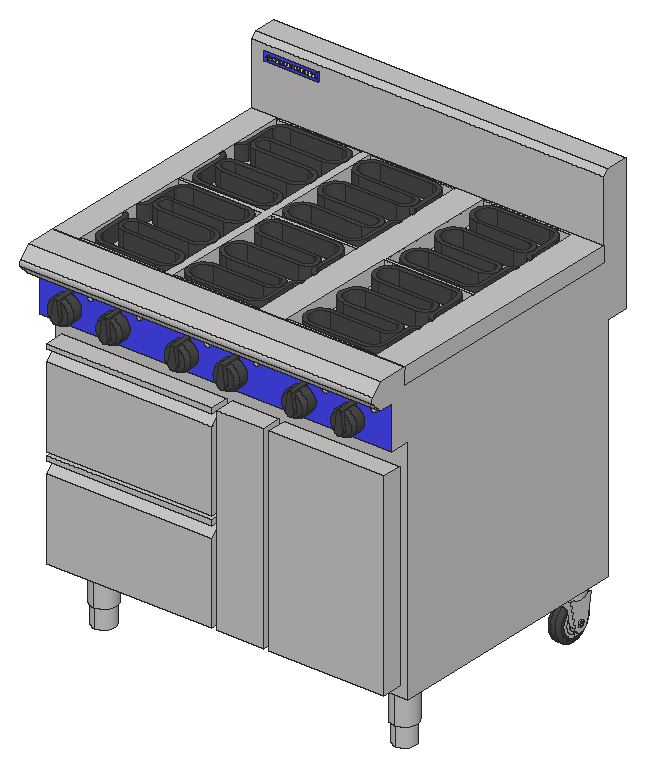
Revit family "QF_MOFFAT_BLUESEAL_CE_E516D-RB", category Specialty Equipment, Revit 2012
Parameters
  Weight in Pounds = 286  # constant formula
  Width [instance] = 900 mm  # constant formula
  Watts = 14400 W
  Volts = 400 V
  URL Cutsheet = "www.moffat.com"
  URL = "www.moffat.com"
  Type Mark [instance] = ""
  Status [instance] = ""
  Specification by User [instance] = ""
  Specification by Manufacturer = ""
  Show Logo [instance] = yes
  Show Door [instance] = no
  Show Clearance [instance] = yes
  Show Casters [instance] = yes
  Serial Number = ""
  Seismic Rating = ""
  SMACNA No = ""
  Revision Code [instance] = ""
  Refrigerant Type [instance] = "R134a"
  Phase = 3
  Omniclass Number and Title = ""
  Number of Poles = 1
  NAFEM Spec ID Number = ""
  Model = "E516D-RB"
  Min Ckt Ampacity = 0 A
  Max Overcurrent Protection = 0 A
  Masterspec = ""
  Manufacturer = "MOFFAT BLUESEAL"
  Legs [instance] = not(Show Casters)  # no
  Item Number [instance] = ""
  Installed By [instance] = ""
  Identify Quantity as Lot [instance] = yes
  Height = 1085 mm  # constant formula
  HP = ""
  Furnished By [instance] = ""
  Foodservice Equipment Identifier [instance] = yes
  FL Amps = 20 A
  Electrical Remarks = "20A PER PHASE"
  Elec Conn RI Height = 0 mm
  Elec Conn Connection Height = 0 mm
  Drawer Clearance [instance] = and(Show Clearance, and(Drawer))  # yes
  Drawer [instance] = not(Show Door)  # yes
  Door Clearance [instance] = and(Show Clearance, and(Show Door))  # no
  Description = "900MM ELECTRIC COOK TOP ON REFRIGERATED BASE"
  Depth [instance] = 812 mm  # constant formula
  Cycle = 50 Hz
  Conn Plug = ""
  Conn Conduit = yes
  CSI MasterFormat = ""
  CSI Master Format = ""
  Back Splash [instance] = 215 mm  # constant formula
  Apparent Power = if(Phase = 3, Volts * FL Amps * 1.73, Volts * FL Amps)  # 13840 VA
Reference planes
  plane 1 "BACK": y = 0
  plane 2: z = 0
  plane 3 "LEFT": x = 0
  plane 4 "RIGHT": x = 900
  plane 5 "FRONT": y = -812
  plane 6 "TOP": z = 970
  plane 7 "Center Y": x = 450
  plane 8 "Center X": y = -406
  plane 9 "Base Height": z = 150
  plane 10: z = 915
  plane 11: x = 65
  plane 12: x = 834
  plane 13: y = -625
  plane 14: x = 770
  plane 15: z = 655
  plane 16: y = -32
  plane 17: x = 617
  plane 18: z = 402
  plane 19: z = 1085
  plane 20: y = -100
Forms (mm)
  Extrusion 1, solid, material "QF_Finishes_Stainless Steel"
    sketch origin (0, 0, 0) x (0, 1, 0) y (0, 0, 1)
      loop
        line (-697, 150) -> (-57, 150) -> (-57, 740) -> (0, 740) -> (0, 1085) -> (-57.5, 1085) -> (-70, 1072.5) -> (-70, 875) -> (-705, 875) -> (-705, 915) -> (-783.97, 915) -> (-808.485, 890.485)
        arc (-808.485, 890.485) -> (-811.999, 882) -> (-808.485, 873.515) r 12
        line (-808.485, 873.515) -> (-784.97, 850) -> (-749, 850) -> (-749, 740) -> (-697, 740) -> (-697, 150)
    from 0 to 900
  Revolve 2, solid, material "QF_Finishes_Stainless Steel", visible <- "Legs"
    sketch origin (834, -210, 0) x (0, 1, 0) y (0, 0, -1)
      loop
        line (78.25, -150) -> (110, -150) -> (110, 0) -> (82.5, 0) -> (82.5, -50) -> (78.25, -50) -> (78.25, -150)
      axis (110, -150) -> (110, 0)
    angle from 0 to 360
  Revolve 3, solid, material "QF_Finishes_Stainless Steel"
    sketch origin (834, -735, 0) x (0, 1, 0) y (0, 0, -1)
      loop
        line (78.25, -150) -> (110, -150) -> (110, 0) -> (82.5, 0) -> (82.5, -50) -> (78.25, -50) -> (78.25, -150)
      axis (110, -150) -> (110, 0)
    angle from 0 to 360
  Revolve 4, solid, material "QF_Finishes_Stainless Steel", visible <- "Legs"
    sketch origin (65, -210, 0) x (0, 1, 0) y (0, 0, -1)
      loop
        line (78.25, -150) -> (110, -150) -> (110, 0) -> (82.5, 0) -> (82.5, -50) -> (78.25, -50) -> (78.25, -150)
      axis (110, -150) -> (110, 0)
    angle from 0 to 360
  Revolve 5, solid, material "QF_Finishes_Stainless Steel"
    sketch origin (65, -735, 0) x (0, 1, 0) y (0, 0, -1)
      loop
        line (78.25, -150) -> (110, -150) -> (110, 0) -> (82.5, 0) -> (82.5, -50) -> (78.25, -50) -> (78.25, -150)
      axis (110, -150) -> (110, 0)
    angle from 0 to 360
  Revolve 6, solid, material "QF_Finishes_Black"
    sketch origin (87.5, 0, 597.8) x (0, 1, 0) y (0, 0, -1)
      loop
        line (-789, -229.5) -> (-766, -229.5) -> (-766, -202) -> (-756, -202) -> (-756, -197) -> (-800, -197) -> (-800, -223.651) -> (-789, -229.5)
      axis (-800, -197) -> (-756, -197)
    angle from 0 to 360
  Extrusion 7, solid, material "QF_Finishes_Black"
    sketch origin (225.77, 0, 597.958) x (-1, 0, 0) y (0, 0, -1)
      loop
        line (127.85, -186.037) -> (133.271, -228.955)
        arc (133.271, -228.955) -> (138.27, -233.842) -> (143.268, -228.955) r 5
        line (143.268, -228.955) -> (148.757, -184.87)
        arc (148.757, -184.87) -> (137.685, -174.371) -> (127.85, -186.037) r 10.487
    from 759 to 808
  Extrusion 8, solid, material "QF_Finishes_Stainless Steel"
    sketch origin (0, 0, 740) x (-1, 0, 0) y (0, 1, 0)
      loop
        circle (-770, -32) r 13.5
    from 0 to 1
  Extrusion 9, solid, material "QF_Finishes_Stainless Steel"
    sketch origin (0, -57, 685) x (0, 0, 1) y (1, 0, 0)
      loop
        circle (-265, 620) r 13.5
    from 0 to 3.18
  Extrusion 10, solid, material "QF_Finishes_Stainless Steel"
    sketch origin (0, -749, 866) x (0, 0, -1) y (1, 0, 0)
      loop
        circle (41.2, 257.5) r 7.15
      loop
        circle (41.2, 132.5) r 7.15
      loop
        circle (41.2, 432.5) r 7.15
      loop
        circle (41.2, 557.5) r 7.15
      loop
        circle (41.2, 732.5) r 7.15
      loop
        circle (41.2, 857.5) r 7.15
    from 0 to 3.18
  Revolve 11, solid, material "QF_Finishes_Black"
    sketch origin (211.766, 0, 597.8) x (0, 1, 0) y (0, 0, -1)
      loop
        line (-789, -229.5) -> (-766, -229.5) -> (-766, -202) -> (-756, -202) -> (-756, -197) -> (-800, -197) -> (-800, -223.651) -> (-789, -229.5)
      axis (-800, -197) -> (-756, -197)
    angle from 0 to 360
  Extrusion 12, solid, material "QF_Finishes_Black"
    sketch origin (350.035, 0, 597.958) x (-1, 0, 0) y (0, 0, -1)
      loop
        line (127.85, -186.037) -> (133.271, -228.955)
        arc (133.271, -228.955) -> (138.27, -233.842) -> (143.268, -228.955) r 5
        line (143.268, -228.955) -> (148.757, -184.87)
        arc (148.757, -184.87) -> (137.685, -174.371) -> (127.85, -186.037) r 10.487
    from 759 to 808
  Revolve 13, solid, material "QF_Finishes_Black"
    sketch origin (386.766, 0, 597.8) x (0, 1, 0) y (0, 0, -1)
      loop
        line (-789, -229.5) -> (-766, -229.5) -> (-766, -202) -> (-756, -202) -> (-756, -197) -> (-800, -197) -> (-800, -223.651) -> (-789, -229.5)
      axis (-800, -197) -> (-756, -197)
    angle from 0 to 360
  Extrusion 14, solid, material "QF_Finishes_Black"
    sketch origin (525.035, 0, 597.958) x (-1, 0, 0) y (0, 0, -1)
      loop
        line (127.85, -186.037) -> (133.271, -228.955)
        arc (133.271, -228.955) -> (138.27, -233.842) -> (143.268, -228.955) r 5
        line (143.268, -228.955) -> (148.757, -184.87)
        arc (148.757, -184.87) -> (137.685, -174.371) -> (127.85, -186.037) r 10.487
    from 759 to 808
  Revolve 15, solid, material "QF_Finishes_Black"
    sketch origin (511.766, 0, 597.8) x (0, 1, 0) y (0, 0, -1)
      loop
        line (-789, -229.5) -> (-766, -229.5) -> (-766, -202) -> (-756, -202) -> (-756, -197) -> (-800, -197) -> (-800, -223.651) -> (-789, -229.5)
      axis (-800, -197) -> (-756, -197)
    angle from 0 to 360
  Extrusion 16, solid, material "QF_Finishes_Black"
    sketch origin (650.035, 0, 597.958) x (-1, 0, 0) y (0, 0, -1)
      loop
        line (127.85, -186.037) -> (133.271, -228.955)
        arc (133.271, -228.955) -> (138.27, -233.842) -> (143.268, -228.955) r 5
        line (143.268, -228.955) -> (148.757, -184.87)
        arc (148.757, -184.87) -> (137.685, -174.371) -> (127.85, -186.037) r 10.487
    from 759 to 808
  Revolve 17, solid, material "QF_Finishes_Black"
    sketch origin (686.766, 0, 597.8) x (0, 1, 0) y (0, 0, -1)
      loop
        line (-789, -229.5) -> (-766, -229.5) -> (-766, -202) -> (-756, -202) -> (-756, -197) -> (-800, -197) -> (-800, -223.651) -> (-789, -229.5)
      axis (-800, -197) -> (-756, -197)
    angle from 0 to 360
  Extrusion 18, solid, material "QF_Finishes_Black"
    sketch origin (825.035, 0, 597.958) x (-1, 0, 0) y (0, 0, -1)
      loop
        line (127.85, -186.037) -> (133.271, -228.955)
        arc (133.271, -228.955) -> (138.27, -233.842) -> (143.268, -228.955) r 5
        line (143.268, -228.955) -> (148.757, -184.87)
        arc (148.757, -184.87) -> (137.685, -174.371) -> (127.85, -186.037) r 10.487
    from 759 to 808
  Revolve 19, solid, material "QF_Finishes_Black"
    sketch origin (811.766, 0, 597.8) x (0, 1, 0) y (0, 0, -1)
      loop
        line (-789, -229.5) -> (-766, -229.5) -> (-766, -202) -> (-756, -202) -> (-756, -197) -> (-800, -197) -> (-800, -223.651) -> (-789, -229.5)
      axis (-800, -197) -> (-756, -197)
    angle from 0 to 360
  Extrusion 20, solid, material "QF_Finishes_Black"
    sketch origin (950.035, 0, 597.958) x (-1, 0, 0) y (0, 0, -1)
      loop
        line (127.85, -186.037) -> (133.271, -228.955)
        arc (133.271, -228.955) -> (138.27, -233.842) -> (143.268, -228.955) r 5
        line (143.268, -228.955) -> (148.757, -184.87)
        arc (148.757, -184.87) -> (137.685, -174.371) -> (127.85, -186.037) r 10.487
    from 759 to 808
  Revolve 21, solid, material "QF_Finishes_Stainless Steel", visible <- "Show Casters"
    sketch origin (485.423, -100.755, -12.798) x (1, 0, 0) y (0, 0, 1)
      loop
        line (314.841, 63.604) -> (383.584, 63.604) -> (383.584, 67.109) -> (382.314, 68.379) -> (380.79, 68.379) -> (380.79, 71.826) -> (368.644, 71.826) -> (368.644, 81.79) -> (365.088, 83.843) -> (363.738, 92.179) -> (365.881, 92.179) -> (365.881, 98.529) -> (365.088, 98.529) -> (365.088, 104.879)
        arc (365.088, 104.879) -> (362.298, 111.614) -> (355.563, 114.404) r 9.525
        line (355.563, 114.404) -> (342.863, 114.404)
        arc (342.863, 114.404) -> (336.127, 111.614) -> (333.338, 104.879) r 9.525
        line (333.338, 104.879) -> (333.338, 98.529) -> (332.544, 98.529) -> (332.544, 92.179) -> (334.687, 92.179) -> (333.352, 83.932) -> (329.782, 81.871) -> (329.782, 71.826) -> (317.635, 71.826) -> (317.635, 68.379) -> (316.111, 68.379) -> (314.841, 67.109) -> (314.841, 63.604)
      axis (314.841, 63.604) -> (383.584, 63.604)
    angle from 0 to 360
  Extrusion 22, solid, material "QF_Finishes_Stainless Steel", visible <- "Show Casters"
    sketch origin (841.147, 132.353, -9.137) x (0, 1, 0) y (0, 0, 1)
      loop
        line (-200.603, 118.783) -> (-264.103, 118.783) -> (-251.746, 53.895)
        arc (-251.746, 53.895) -> (-232.353, 38.783) -> (-212.959, 53.895) r 20
        line (-212.959, 53.895) -> (-200.603, 118.783)
    from -35.667 to 22.923
  Revolve 23, solid, material "QF_Finishes_Stainless Steel", visible <- "Show Casters"
    sketch origin (834.646, -204, -0.354) x (0, 1, 0) y (0, 0, 1)
      loop
        line (68.25, 150) -> (68.25, 110) -> (104, 110) -> (104, 150) -> (68.25, 150)
      axis (104, 150) -> (104, 110)
    angle from 0 to 360
  Revolve 24, solid, material "QF_Finishes_Stainless Steel", visible <- "Show Casters"
    sketch origin (-283.577, -100.755, -12.798) x (1, 0, 0) y (0, 0, 1)
      loop
        line (314.841, 63.604) -> (383.584, 63.604) -> (383.584, 67.109) -> (382.314, 68.379) -> (380.79, 68.379) -> (380.79, 71.826) -> (368.644, 71.826) -> (368.644, 81.79) -> (365.088, 83.843) -> (363.738, 92.179) -> (365.881, 92.179) -> (365.881, 98.529) -> (365.088, 98.529) -> (365.088, 104.879)
        arc (365.088, 104.879) -> (362.298, 111.614) -> (355.563, 114.404) r 9.525
        line (355.563, 114.404) -> (342.863, 114.404)
        arc (342.863, 114.404) -> (336.127, 111.614) -> (333.338, 104.879) r 9.525
        line (333.338, 104.879) -> (333.338, 98.529) -> (332.544, 98.529) -> (332.544, 92.179) -> (334.687, 92.179) -> (333.352, 83.932) -> (329.782, 81.871) -> (329.782, 71.826) -> (317.635, 71.826) -> (317.635, 68.379) -> (316.111, 68.379) -> (314.841, 67.109) -> (314.841, 63.604)
      axis (314.841, 63.604) -> (383.584, 63.604)
    angle from 0 to 360
  Extrusion 25, solid, material "QF_Finishes_Stainless Steel", visible <- "Show Casters"
    sketch origin (72.147, 132.353, -9.137) x (0, 1, 0) y (0, 0, 1)
      loop
        line (-200.603, 118.783) -> (-264.103, 118.783) -> (-251.746, 53.895)
        arc (-251.746, 53.895) -> (-232.353, 38.783) -> (-212.959, 53.895) r 20
        line (-212.959, 53.895) -> (-200.603, 118.783)
    from -35.667 to 22.923
  Revolve 26, solid, material "QF_Finishes_Stainless Steel", visible <- "Show Casters"
    sketch origin (65.646, -204, -0.354) x (0, 1, 0) y (0, 0, 1)
      loop
        line (68.25, 150) -> (68.25, 110) -> (104, 110) -> (104, 150) -> (68.25, 150)
      axis (104, 150) -> (104, 110)
    angle from 0 to 360
  Extrusion 27, solid, material "QF_Finishes_Stainless Steel"
    sketch origin (0, 0, 0) x (0, 1, 0) y (0, 0, 1)
      loop
        line (-699, 678) -> (-747, 678) -> (-747, 665) -> (-715.13, 665) -> (-749, 636.579) -> (-749, 431) -> (-699, 431) -> (-699, 678)
      loop
        line (-749, 175) -> (-699, 175) -> (-699, 421) -> (-747, 421) -> (-747, 408) -> (-715.13, 408) -> (-749, 379.579) -> (-749, 175)
    from 17.986 to 440
  Extrusion 28, solid, material "QF_Finishes_Stainless Steel"
    sketch origin (723.5, 0, 0) x (0, 1, 0) y (0, 0, 1)
      loop
        line (-699, 678) -> (-749, 678) -> (-749, 175) -> (-699, 175) -> (-699, 678)
    from -270.5 to -150.5
  Extrusion 29, solid, material "QF_Door-Drawer Clearances", visible <- "Show Clearance", detail levels coarse
    sketch origin (0, -749, 676) x (0, 0, -1) y (1, 0, 0)
      loop
        line (501, 440) -> (255, 440) -> (255, 17.986) -> (501, 17.986) -> (501, 440)
      loop
        line (245, 440) -> (-2, 440) -> (-2, 17.986) -> (245, 17.986) -> (245, 440)
    from 0 to 304.8
  Extrusion 30, solid, material "QF_Finishes_Stainless Steel"
    sketch origin (1031.5, 0, 0) x (0, 1, 0) y (0, 0, 1)
      loop
        line (-699, 678) -> (-749, 678) -> (-749, 175) -> (-699, 175) -> (-699, 678)
    from -444.5 to -150.5
Lines and regions (mm)
  Split face 1
    outline origin (0, 612.322, 1085) x (0, -1, 0) y (1, 0, 0)
      loop
        arc (657.707, 566) -> (652.707, 574.66) -> (642.707, 574.66) r 10
        line (642.707, 574.66) -> (635.707, 570.619)
        arc (635.707, 570.619) -> (632.047, 566.959) -> (630.707, 561.959) r 10
        line (630.707, 561.959) -> (630.707, 334)
        arc (630.707, 334) -> (635.707, 325.34) -> (645.707, 325.34) r 10
        line (645.707, 325.34) -> (652.707, 329.381)
        arc (652.707, 329.381) -> (656.368, 333.041) -> (657.707, 338.041) r 10
        line (657.707, 338.041) -> (657.707, 566)
  Split face 2
    outline origin (0, 612.322, 1085) x (0, -1, 0) y (1, 0, 0)
      loop
        arc (630.707, 624) -> (635.707, 615.34) -> (645.707, 615.34) r 10
        line (645.707, 615.34) -> (652.707, 619.381)
        arc (652.707, 619.381) -> (656.368, 623.041) -> (657.707, 628.041) r 10
        line (657.707, 628.041) -> (657.707, 856)
        arc (657.707, 856) -> (652.707, 864.66) -> (642.707, 864.66) r 10
        line (642.707, 864.66) -> (635.707, 860.619)
        arc (635.707, 860.619) -> (632.047, 856.959) -> (630.707, 851.959) r 10
        line (630.707, 851.959) -> (630.707, 624)
  Split face 3
    outline origin (0, 612.322, 1085) x (0, -1, 0) y (1, 0, 0)
      loop
        arc (657.707, 276) -> (652.707, 284.66) -> (642.707, 284.66) r 10
        line (642.707, 284.66) -> (635.707, 280.619)
        arc (635.707, 280.619) -> (632.047, 276.959) -> (630.707, 271.959) r 10
        line (630.707, 271.959) -> (630.707, 44)
        arc (630.707, 44) -> (635.707, 35.34) -> (645.707, 35.34) r 10
        line (645.707, 35.34) -> (652.707, 39.381)
        arc (652.707, 39.381) -> (656.368, 43.041) -> (657.707, 48.041) r 10
        line (657.707, 48.041) -> (657.707, 276)
  Split face 4
    outline origin (1031.5, -749, 676) x (0, 0, -1) y (1, 0, 0)
      loop
        line (291.62, -416.534) -> (481.62, -416.534) -> (481.62, -181.534) -> (291.62, -181.534) -> (291.62, -416.534)
  Split face 5
    outline origin (1031.5, -749, 931) x (0, 0, -1) y (1, 0, 0)
      loop
        line (291.62, -416.534) -> (356.62, -416.534) -> (356.62, -181.534) -> (291.62, -181.534) -> (291.62, -416.534)
  Split face 6
    outline origin (1031.5, -749, 807.725) x (0, 0, -1) y (1, 0, 0)
      loop
        line (307.841, -274.649) -> (342.841, -274.649) -> (342.841, -219.649) -> (307.841, -219.649) -> (307.841, -274.649)
  Split face 7
    outline origin (939.097, -749, 808.536) x (0, 0, -1) y (1, 0, 0)
      loop
        line (307.841, -274.649) -> (342.841, -274.649) -> (342.841, -239.649) -> (307.841, -239.649) -> (307.841, -274.649)
  symbolic lines
    curve 1: line (0, 0, 0) -> (0, -812, 0)
    curve 2: line (900, 0, 0) -> (0, 0, 0)
    curve 3: line (900, -812, 0) -> (900, 0, 0)
    curve 4: line (0, -812, 0) -> (900, -812, 0)
    curve 13: line (0, -783.97, 0) -> (900, -783.97, 0)
    curve 14: line (271.959, -18.385, 0) -> (44, -18.385, 0)
    curve 15: arc (44, -18.385, 0) -> (35.34, -23.385, 0) -> (35.34, -33.385, 0) r 10
    curve 16: line (35.34, -33.385, 0) -> (39.381, -40.385, 0)
    curve 17: arc (39.381, -40.385, 0) -> (43.041, -44.045, 0) -> (48.041, -45.385, 0) r 10
    curve 18: line (48.041, -45.385, 0) -> (276, -45.385, 0)
    curve 19: arc (276, -45.385, 0) -> (284.66, -40.385, 0) -> (284.66, -30.385, 0) r 10
    curve 20: line (284.66, -30.385, 0) -> (280.619, -23.385, 0)
    curve 21: arc (280.619, -23.385, 0) -> (276.959, -19.725, 0) -> (271.959, -18.385, 0) r 10
    curve 22: line (561.959, -18.385, 0) -> (334, -18.385, 0)
    curve 23: arc (334, -18.385, 0) -> (325.34, -23.385, 0) -> (325.34, -33.385, 0) r 10
    curve 24: line (325.34, -33.385, 0) -> (329.381, -40.385, 0)
    curve 25: arc (329.381, -40.385, 0) -> (333.041, -44.045, 0) -> (338.041, -45.385, 0) r 10
    curve 26: line (338.041, -45.385, 0) -> (566, -45.385, 0)
    curve 27: arc (566, -45.385, 0) -> (574.66, -40.385, 0) -> (574.66, -30.385, 0) r 10
    curve 28: line (574.66, -30.385, 0) -> (570.619, -23.385, 0)
    curve 29: arc (570.619, -23.385, 0) -> (566.959, -19.725, 0) -> (561.959, -18.385, 0) r 10
    curve 30: line (851.959, -18.385, 0) -> (624, -18.385, 0)
    curve 31: arc (624, -18.385, 0) -> (615.34, -23.385, 0) -> (615.34, -33.385, 0) r 10
    curve 32: line (615.34, -33.385, 0) -> (619.381, -40.385, 0)
    curve 33: arc (619.381, -40.385, 0) -> (623.041, -44.045, 0) -> (628.041, -45.385, 0) r 10
    curve 34: line (628.041, -45.385, 0) -> (856, -45.385, 0)
    curve 35: arc (856, -45.385, 0) -> (864.66, -40.385, 0) -> (864.66, -30.385, 0) r 10
    curve 36: line (864.66, -30.385, 0) -> (860.619, -23.385, 0)
    curve 37: arc (860.619, -23.385, 0) -> (856.959, -19.725, 0) -> (851.959, -18.385, 0) r 10
    curve 38: line (0, -57.5, 0) -> (900, -57.5, 0)
    curve 39: line (0, -70, 0) -> (900, -70, 0)
  symbolic lines, style "SpecialityEquipmentHiddenLines", visible <- "Show Casters"
    curve 5: line (875.952, -62.61, 0) -> (825.152, -150.598, 0)
    curve 6: line (848.456, -46.735, 0) -> (875.952, -62.61, 0)
    curve 7: line (797.656, -134.723, 0) -> (848.456, -46.735, 0)
    curve 8: line (825.152, -150.598, 0) -> (797.656, -134.723, 0)
    curve 9: line (106.952, -62.61, 0) -> (56.152, -150.598, 0)
    curve 10: line (79.456, -46.735, 0) -> (106.952, -62.61, 0)
    curve 11: line (28.656, -134.723, 0) -> (79.456, -46.735, 0)
    curve 12: line (56.152, -150.598, 0) -> (28.656, -134.723, 0)
  symbolic lines, style "QF_Door-Drawer Clearances"
    curve 40: line (17.986, -1053.8, 0) -> (440, -1053.8, 0)
    curve 41: line (440, -1053.8, 0) -> (440, -812, 0)
    curve 42: line (17.986, -1053.8, 0) -> (17.986, -812, 0)
Dimensions and locks
  equal spacing: plane 3 "LEFT", plane 7 "Center Y", plane 4 "RIGHT"
  "Width": plane 3 "LEFT" to plane 4 "RIGHT"
  equal spacing: plane 5 "FRONT", plane 8 "Center X", plane 1 "BACK"
  "Depth": plane 5 "FRONT" to plane 1 "BACK"
  locked: plane 10 to level at 915
  locked: plane 9 "Base Height" to level at 150
  plane 6 "TOP" to plane 10 = 55 mm
  plane 12 to plane 11 = 769 mm
  plane 14 to plane 4 "RIGHT" = 130 mm
  plane 15 to level = 655 mm
  plane 16 to plane 1 "BACK" = 32 mm
  plane 17 to plane 4 "RIGHT" = 283 mm
  plane 18 to level = 402 mm
  Revolve 21 sketch curve to Revolve 21 sketch curve = 50.8 mm
  Revolve 24 sketch curve to Revolve 24 sketch curve = 50.8 mm
  "Height": plane 19 to level
  aligned and locked: level to plane 2
Automatic sketch dimensions
  curve 1 to plane 3 "LEFT" = 0 mm
  plane 1 "BACK" to curve 2 = 0 mm
  curve 2 to plane 4 "RIGHT" = 0 mm
  plane 5 "FRONT" to curve 1 = 0 mm
  curve 12 to plane 11 = 8.848 mm
  plane 11 to curve 10 = 14.456 mm
  plane 14 to curve 8 = 27.656 mm
  plane 12 to curve 8 = 8.848 mm
  curve 6 to plane 12 = 14.456 mm
  plane 20 to curve 8 = 50.598 mm
  plane 20 to curve 12 = 50.598 mm
  curve 9 to curve 11 = 15.875 mm
  curve 5 to curve 7 = 15.875 mm
  Extrusion 1 sketch curve to plane 10 = 0 mm
  Extrusion 1 sketch curve to plane 9 "Base Height" = 0 mm
  Extrusion 1 sketch curve to plane 19 = 0 mm
  Extrusion 1 sketch curve to plane 1 "BACK" = 0 mm
  Extrusion 1 sketch curve to plane 16 = 25 mm
  Extrusion 1 sketch curve to plane 16 = 25.5 mm
  Extrusion 1 sketch curve to plane 20 = 30 mm
  Extrusion 1 sketch curve to plane 13 = 72 mm
  Extrusion 1 sketch curve to plane 13 = 80 mm
  Extrusion 1 sketch curve to Extrusion 1 sketch curve = 44 mm
  Extrusion 1 sketch curve to plane 5 "FRONT" = 28.03 mm
  Extrusion 1 sketch curve to plane 5 "FRONT" = 27.03 mm
  Extrusion 1 sketch curve to plane 5 "FRONT" = 12.001 mm
  Extrusion 1 sketch curve to plane 5 "FRONT" = 3.515 mm  (x2)
  plane 15 to Extrusion 1 sketch curve = 85 mm  (x2)
  Extrusion 1 sketch curve to plane 10 = 65 mm
  Extrusion 1 sketch curve to Extrusion 1 sketch curve = 23.515 mm
  Extrusion 1 sketch curve to Extrusion 1 sketch curve = 40 mm
  Extrusion 1 sketch curve to Extrusion 1 sketch curve = 8.485 mm
  Extrusion 1 sketch curve to plane 19 = 12.5 mm
  Revolve 2 sketch curve to plane 9 "Base Height" = 0 mm
  Revolve 2 sketch curve to level = 0 mm
  Revolve 2 sketch curve to plane 20 = 0 mm  (x2)
  plane 20 to Revolve 2 sketch curve = 27.5 mm
  plane 20 to Revolve 2 sketch curve = 31.75 mm
  level to Revolve 2 sketch curve = 50 mm
  Revolve 2 sketch curve to Revolve 2 sketch curve = 0 mm
  Revolve 2 sketch curve to Revolve 2 sketch curve = 55 mm
  Revolve 3 sketch curve to plane 9 "Base Height" = 0 mm
  Revolve 3 sketch curve to level = 0 mm
  Revolve 3 sketch curve to plane 13 = 0 mm  (x2)
  Revolve 3 sketch curve to plane 13 = 27.5 mm
  Revolve 3 sketch curve to plane 13 = 31.75 mm
  level to Revolve 3 sketch curve = 50 mm
  Revolve 3 sketch curve to Revolve 3 sketch curve = 0 mm
  Revolve 3 sketch curve to Revolve 3 sketch curve = 55 mm
  Revolve 4 sketch curve to plane 9 "Base Height" = 0 mm
  Revolve 4 sketch curve to level = 0 mm
  Revolve 4 sketch curve to plane 20 = 0 mm  (x2)
  plane 20 to Revolve 4 sketch curve = 27.5 mm
  plane 20 to Revolve 4 sketch curve = 31.75 mm
  level to Revolve 4 sketch curve = 50 mm
  Revolve 4 sketch curve to Revolve 4 sketch curve = 0 mm
  Revolve 4 sketch curve to Revolve 4 sketch curve = 55 mm
  Revolve 5 sketch curve to plane 9 "Base Height" = 0 mm
  Revolve 5 sketch curve to level = 0 mm
  Revolve 5 sketch curve to plane 13 = 0 mm  (x2)
  Revolve 5 sketch curve to plane 13 = 27.5 mm
  Revolve 5 sketch curve to plane 13 = 31.75 mm
  level to Revolve 5 sketch curve = 50 mm
  Revolve 5 sketch curve to Revolve 5 sketch curve = 0 mm
  Revolve 5 sketch curve to Revolve 5 sketch curve = 55 mm
  Revolve 6 sketch curve to plane 5 "FRONT" = 12 mm
  Revolve 6 sketch curve to Revolve 6 sketch curve = 0 mm  (x2)
  Revolve 6 sketch curve to Revolve 6 sketch curve = 11 mm
  Revolve 6 sketch curve to Revolve 6 sketch curve = 12.7 mm
  Revolve 6 sketch curve to Revolve 6 sketch curve = 23 mm
  Revolve 6 sketch curve to Revolve 6 sketch curve = 10 mm
  Revolve 6 sketch curve to plane 10 = 87.7 mm
  Revolve 6 sketch curve to Revolve 6 sketch curve = 5.849 mm
  Revolve 6 sketch curve to Revolve 6 sketch curve = 27.5 mm
  Revolve 6 sketch curve to Revolve 6 sketch curve = 5 mm
  plane 11 to Extrusion 7 sketch curve = 32.919 mm
  plane 11 to Extrusion 7 sketch curve = 27.499 mm
  Extrusion 7 sketch curve to Extrusion 7 sketch curve = 10.419 mm
  Extrusion 7 sketch curve to Extrusion 7 sketch curve = 4.999 mm  (x2)
  Extrusion 7 sketch curve to Extrusion 7 sketch curve = 10.487 mm
  Extrusion 7 sketch curve to plane 10 = 88.087 mm
  Extrusion 7 sketch curve to Extrusion 7 sketch curve = 0.113 mm
  Extrusion 7 sketch curve to Extrusion 7 sketch curve = 42.919 mm
  Extrusion 7 sketch curve to Extrusion 7 sketch curve = 1.167 mm
  Extrusion 1 to Extrusion 9 sketch curve = 270 mm
  Extrusion 1 to Extrusion 9 sketch curve = 280 mm
  Extrusion 10 sketch curve to Extrusion 1 = 25.2 mm  (x6)
  Extrusion 1 to Extrusion 10 sketch curve = 132.5 mm
  Extrusion 10 sketch curve to Extrusion 10 sketch curve = 125 mm  (x2)
  Extrusion 10 sketch curve to Extrusion 10 sketch curve = 175 mm
  Extrusion 1 to Extrusion 10 sketch curve = 167.5 mm
  Extrusion 1 to Extrusion 10 sketch curve = 42.5 mm
  Revolve 11 sketch curve to plane 5 "FRONT" = 12 mm
  Revolve 11 sketch curve to Revolve 11 sketch curve = 0 mm  (x2)
  Revolve 11 sketch curve to Revolve 11 sketch curve = 11 mm
  Revolve 11 sketch curve to Revolve 11 sketch curve = 12.7 mm
  Revolve 11 sketch curve to Revolve 11 sketch curve = 23 mm
  Revolve 11 sketch curve to Revolve 11 sketch curve = 10 mm
  Revolve 11 sketch curve to plane 10 = 87.7 mm
  Revolve 11 sketch curve to Revolve 11 sketch curve = 5.849 mm
  Revolve 11 sketch curve to Revolve 11 sketch curve = 27.5 mm
  Revolve 11 sketch curve to Revolve 11 sketch curve = 5 mm
  plane 11 to Extrusion 12 sketch curve = 157.185 mm
  Extrusion 12 sketch curve to Extrusion 12 sketch curve = 5.421 mm
  Extrusion 12 sketch curve to Extrusion 12 sketch curve = 10.419 mm
  Extrusion 12 sketch curve to Extrusion 12 sketch curve = 4.999 mm  (x2)
  Extrusion 12 sketch curve to plane 10 = 88.087 mm
  Extrusion 12 sketch curve to Extrusion 12 sketch curve = 10.487 mm
  Extrusion 12 sketch curve to Extrusion 12 sketch curve = 0.113 mm
  Extrusion 12 sketch curve to Extrusion 12 sketch curve = 42.919 mm
  Extrusion 12 sketch curve to Extrusion 12 sketch curve = 1.167 mm
  Revolve 13 sketch curve to plane 5 "FRONT" = 12 mm
  Revolve 13 sketch curve to Revolve 13 sketch curve = 0 mm  (x2)
  Revolve 13 sketch curve to Revolve 13 sketch curve = 11 mm
  Revolve 13 sketch curve to Revolve 13 sketch curve = 12.7 mm
  Revolve 13 sketch curve to Revolve 13 sketch curve = 23 mm
  Revolve 13 sketch curve to Revolve 13 sketch curve = 10 mm
  Revolve 13 sketch curve to plane 10 = 87.7 mm
  Revolve 13 sketch curve to Revolve 13 sketch curve = 5.849 mm
  Revolve 13 sketch curve to Revolve 13 sketch curve = 27.5 mm
  Revolve 13 sketch curve to Revolve 13 sketch curve = 5 mm
  Extrusion 14 sketch curve to plane 7 "Center Y" = 52.815 mm
  Extrusion 14 sketch curve to Extrusion 14 sketch curve = 5.421 mm
  Extrusion 14 sketch curve to Extrusion 14 sketch curve = 10.419 mm
  Extrusion 14 sketch curve to Extrusion 14 sketch curve = 4.999 mm  (x2)
  Extrusion 14 sketch curve to Extrusion 14 sketch curve = 10.487 mm
  Extrusion 14 sketch curve to plane 10 = 88.087 mm
  Extrusion 14 sketch curve to Extrusion 14 sketch curve = 0.113 mm
  Extrusion 14 sketch curve to Extrusion 14 sketch curve = 42.919 mm
  Extrusion 14 sketch curve to Extrusion 14 sketch curve = 1.167 mm
  Revolve 15 sketch curve to plane 5 "FRONT" = 12 mm
  Revolve 15 sketch curve to Revolve 15 sketch curve = 0 mm  (x2)
  Revolve 15 sketch curve to Revolve 15 sketch curve = 11 mm
  Revolve 15 sketch curve to Revolve 15 sketch curve = 12.7 mm
  Revolve 15 sketch curve to Revolve 15 sketch curve = 23 mm
  Revolve 15 sketch curve to Revolve 15 sketch curve = 10 mm
  Revolve 15 sketch curve to plane 10 = 87.7 mm
  Revolve 15 sketch curve to Revolve 15 sketch curve = 5.849 mm
  Revolve 15 sketch curve to Revolve 15 sketch curve = 27.5 mm
  Revolve 15 sketch curve to Revolve 15 sketch curve = 5 mm
  plane 7 "Center Y" to Extrusion 16 sketch curve = 72.185 mm
  Extrusion 16 sketch curve to Extrusion 16 sketch curve = 5.421 mm
  Extrusion 16 sketch curve to Extrusion 16 sketch curve = 10.419 mm
  Extrusion 16 sketch curve to Extrusion 16 sketch curve = 4.999 mm  (x2)
  Extrusion 16 sketch curve to Extrusion 16 sketch curve = 10.487 mm
  Extrusion 16 sketch curve to plane 10 = 88.087 mm
  Extrusion 16 sketch curve to Extrusion 16 sketch curve = 0.113 mm
  Extrusion 16 sketch curve to Extrusion 16 sketch curve = 42.919 mm
  Extrusion 16 sketch curve to Extrusion 16 sketch curve = 1.167 mm
  Revolve 17 sketch curve to plane 5 "FRONT" = 12 mm
  Revolve 17 sketch curve to Revolve 17 sketch curve = 0 mm  (x2)
  Revolve 17 sketch curve to Revolve 17 sketch curve = 11 mm
  Revolve 17 sketch curve to Revolve 17 sketch curve = 12.7 mm
  Revolve 17 sketch curve to Revolve 17 sketch curve = 23 mm
  Revolve 17 sketch curve to Revolve 17 sketch curve = 10 mm
  Revolve 17 sketch curve to plane 10 = 87.7 mm
  Revolve 17 sketch curve to Revolve 17 sketch curve = 5.849 mm
  Revolve 17 sketch curve to Revolve 17 sketch curve = 27.5 mm
  Revolve 17 sketch curve to Revolve 17 sketch curve = 5 mm
  Extrusion 18 sketch curve to plane 14 = 72.815 mm
  Extrusion 18 sketch curve to Extrusion 18 sketch curve = 5.421 mm
  Extrusion 18 sketch curve to Extrusion 18 sketch curve = 10.419 mm
  Extrusion 18 sketch curve to Extrusion 18 sketch curve = 4.999 mm  (x2)
  Extrusion 18 sketch curve to Extrusion 18 sketch curve = 10.487 mm
  Extrusion 18 sketch curve to plane 10 = 88.087 mm
  Extrusion 18 sketch curve to Extrusion 18 sketch curve = 0.113 mm
  Extrusion 18 sketch curve to Extrusion 18 sketch curve = 42.919 mm
  Extrusion 18 sketch curve to Extrusion 18 sketch curve = 1.167 mm
  Revolve 19 sketch curve to plane 5 "FRONT" = 12 mm
  Revolve 19 sketch curve to Revolve 19 sketch curve = 0 mm  (x2)
  Revolve 19 sketch curve to Revolve 19 sketch curve = 11 mm
  Revolve 19 sketch curve to Revolve 19 sketch curve = 12.7 mm
  Revolve 19 sketch curve to Revolve 19 sketch curve = 23 mm
  Revolve 19 sketch curve to Revolve 19 sketch curve = 10 mm
  Revolve 19 sketch curve to plane 10 = 87.7 mm
  Revolve 19 sketch curve to Revolve 19 sketch curve = 5.849 mm
  Revolve 19 sketch curve to Revolve 19 sketch curve = 27.5 mm
  Revolve 19 sketch curve to Revolve 19 sketch curve = 5 mm
  plane 12 to Extrusion 20 sketch curve = 11.815 mm
  plane 12 to Extrusion 20 sketch curve = 17.236 mm
  Extrusion 20 sketch curve to Extrusion 20 sketch curve = 10.419 mm
  Extrusion 20 sketch curve to Extrusion 20 sketch curve = 4.999 mm  (x2)
  Extrusion 20 sketch curve to Extrusion 20 sketch curve = 10.487 mm
  Extrusion 20 sketch curve to plane 10 = 88.087 mm
  Extrusion 20 sketch curve to Extrusion 20 sketch curve = 0.113 mm
  Extrusion 20 sketch curve to Extrusion 20 sketch curve = 42.919 mm
  Extrusion 20 sketch curve to Extrusion 20 sketch curve = 1.167 mm
  plane 14 to Revolve 21 sketch curve = 30.264 mm
  Revolve 21 sketch curve to Revolve 21 sketch curve = 1.27 mm  (x4)
  Revolve 21 sketch curve to Revolve 21 sketch curve = 1.524 mm  (x2)
  Revolve 21 sketch curve to Revolve 21 sketch curve = 12.146 mm  (x2)
  plane 12 to Revolve 21 sketch curve = 16.033 mm
  Revolve 21 sketch curve to Revolve 21 sketch curve = 0.794 mm  (x2)
  Revolve 21 sketch curve to Revolve 21 sketch curve = 3.57 mm
  Revolve 21 sketch curve to Revolve 21 sketch curve = 2.143 mm
  plane 12 to Revolve 21 sketch curve = 5.715 mm
  Revolve 21 sketch curve to plane 12 = 5.776 mm
  Revolve 21 sketch curve to plane 12 = 6.985 mm
  Revolve 21 sketch curve to Revolve 21 sketch curve = 8.176 mm
  Revolve 21 sketch curve to Revolve 21 sketch curve = 1.349 mm  (x2)
  Revolve 21 sketch curve to Revolve 21 sketch curve = 3.556 mm
  Revolve 21 sketch curve to plane 4 "RIGHT" = 2.327 mm
  level to Revolve 21 sketch curve = 50.806 mm
  Revolve 21 sketch curve to Revolve 21 sketch curve = 0 mm
  Revolve 21 sketch curve to Revolve 21 sketch curve = 3.505 mm  (x2)
  Revolve 21 sketch curve to Revolve 21 sketch curve = 3.447 mm  (x2)
  Revolve 21 sketch curve to Revolve 21 sketch curve = 9.964 mm
  Revolve 21 sketch curve to Revolve 21 sketch curve = 10.045 mm
  Revolve 21 sketch curve to Revolve 21 sketch curve = 2.053 mm
  Revolve 21 sketch curve to Revolve 21 sketch curve = 2.061 mm
  Revolve 21 sketch curve to Revolve 21 sketch curve = 8.247 mm
  Revolve 21 sketch curve to Revolve 21 sketch curve = 8.336 mm
  Revolve 21 sketch curve to Revolve 21 sketch curve = 6.35 mm  (x2)
  Extrusion 22 sketch curve to plane 20 = 0 mm
  plane 20 to Extrusion 22 sketch curve = 19.393 mm
  plane 20 to Extrusion 22 sketch curve = 31.75 mm
  Extrusion 22 sketch curve to plane 20 = 19.393 mm
  Extrusion 22 sketch curve to plane 20 = 31.75 mm
  level to Extrusion 22 sketch curve = 44.758 mm
  Extrusion 22 sketch curve to Extrusion 22 sketch curve = 4.889 mm
  Extrusion 22 sketch curve to plane 9 "Base Height" = 40.354 mm
  Revolve 23 sketch curve to plane 20 = 0 mm  (x2)
  Revolve 23 sketch curve to plane 9 "Base Height" = 0.354 mm
  Revolve 23 sketch curve to Revolve 23 sketch curve = 35.75 mm
  Revolve 23 sketch curve to Revolve 23 sketch curve = 40 mm
  level to Revolve 23 sketch curve = 49.646 mm
  Revolve 23 sketch curve to level = 55.354 mm
  Revolve 24 sketch curve to Revolve 24 sketch curve = 1.27 mm  (x4)
  Revolve 24 sketch curve to Revolve 24 sketch curve = 1.524 mm  (x2)
  Revolve 24 sketch curve to Revolve 24 sketch curve = 12.146 mm  (x2)
  Revolve 24 sketch curve to plane 11 = 16.033 mm
  Revolve 24 sketch curve to Revolve 24 sketch curve = 0.794 mm  (x2)
  Revolve 24 sketch curve to Revolve 24 sketch curve = 3.57 mm
  Revolve 24 sketch curve to Revolve 24 sketch curve = 2.143 mm
  Revolve 24 sketch curve to plane 11 = 5.715 mm
  plane 11 to Revolve 24 sketch curve = 5.776 mm
  plane 11 to Revolve 24 sketch curve = 6.985 mm
  Revolve 24 sketch curve to Revolve 24 sketch curve = 8.176 mm
  Revolve 24 sketch curve to Revolve 24 sketch curve = 1.349 mm  (x2)
  Revolve 24 sketch curve to Revolve 24 sketch curve = 3.556 mm
  Revolve 24 sketch curve to Revolve 24 sketch curve = 33.32 mm
  level to Revolve 24 sketch curve = 50.806 mm
  Revolve 24 sketch curve to Revolve 24 sketch curve = 0 mm
  Revolve 24 sketch curve to Revolve 24 sketch curve = 3.505 mm  (x2)
  Revolve 24 sketch curve to Revolve 24 sketch curve = 3.447 mm  (x2)
  Revolve 24 sketch curve to Revolve 24 sketch curve = 9.964 mm
  Revolve 24 sketch curve to Revolve 24 sketch curve = 10.045 mm
  Revolve 24 sketch curve to Revolve 24 sketch curve = 2.053 mm
  Revolve 24 sketch curve to Revolve 24 sketch curve = 2.061 mm
  Revolve 24 sketch curve to Revolve 24 sketch curve = 8.247 mm
  Revolve 24 sketch curve to Revolve 24 sketch curve = 8.336 mm
  Revolve 24 sketch curve to Revolve 24 sketch curve = 6.35 mm  (x2)
  Extrusion 25 sketch curve to plane 20 = 0 mm
  plane 20 to Extrusion 25 sketch curve = 19.393 mm
  plane 20 to Extrusion 25 sketch curve = 31.75 mm
  Extrusion 25 sketch curve to plane 20 = 19.393 mm
  Extrusion 25 sketch curve to plane 20 = 31.75 mm
  level to Extrusion 25 sketch curve = 44.758 mm
  Extrusion 25 sketch curve to Extrusion 25 sketch curve = 4.889 mm
  Extrusion 25 sketch curve to plane 9 "Base Height" = 40.354 mm
  Revolve 26 sketch curve to plane 20 = 0 mm  (x2)
  Revolve 26 sketch curve to plane 9 "Base Height" = 0.354 mm
  plane 20 to Revolve 26 sketch curve = 35.75 mm
  Revolve 26 sketch curve to Revolve 26 sketch curve = 40 mm
  level to Revolve 26 sketch curve = 49.646 mm
  Revolve 26 sketch curve to level = 55.354 mm
  plane 3 "LEFT" to curve 12 = 28.656 mm
  Revolve 24 sketch curve to Revolve 24 sketch curve = 2.762 mm
  Split face 1 sketch curve to Extrusion 1 = 18.385 mm
  Split face 1 sketch curve to Split face 1 sketch curve = 5 mm  (x2)
  Split face 1 sketch curve to Split face 1 sketch curve = 10 mm  (x3)
  Split face 1 sketch curve to Split face 1 sketch curve = 7 mm  (x4)
  Split face 1 sketch curve to Extrusion 1 = 325.34 mm
  Split face 1 sketch curve to Split face 1 sketch curve = 4.041 mm  (x2)
  Split face 1 sketch curve to Split face 1 sketch curve = 223.917 mm
  Split face 2 sketch curve to Extrusion 1 = 18.385 mm
  Split face 2 sketch curve to Split face 2 sketch curve = 5 mm  (x2)
  Split face 2 sketch curve to Split face 2 sketch curve = 10 mm  (x3)
  Split face 2 sketch curve to Split face 2 sketch curve = 7 mm  (x4)
  Split face 2 sketch curve to Extrusion 1 = 284.66 mm
  Split face 2 sketch curve to Split face 2 sketch curve = 4.041 mm  (x2)
  Split face 2 sketch curve to Extrusion 1 = 48.041 mm
  Split face 3 sketch curve to Extrusion 1 = 18.385 mm
  Split face 3 sketch curve to Split face 3 sketch curve = 5 mm  (x3)
  Split face 3 sketch curve to Split face 3 sketch curve = 10 mm  (x2)
  Split face 3 sketch curve to Split face 3 sketch curve = 7 mm  (x4)
  Split face 3 sketch curve to Extrusion 1 = 35.34 mm
  Split face 3 sketch curve to Split face 3 sketch curve = 4.041 mm  (x2)
  Split face 3 sketch curve to Split face 3 sketch curve = 223.917 mm
  Extrusion 8 sketch curve to Extrusion 1 = 25 mm
  Extrusion 8 sketch curve to Extrusion 1 = 130 mm
  curve 13 to plane 5 "FRONT" = 28.03 mm
  curve 16 to plane 16 = 1.385 mm
  curve 16 to plane 11 = 29.66 mm
  curve 16 to curve 17 = 4.041 mm
  curve 15 to curve 14 = 8.66 mm
  curve 16 to curve 17 = 8.66 mm
  plane 16 to curve 14 = 13.615 mm
  curve 9 to curve 14 = 165.007 mm
  curve 21 to curve 19 = 4.041 mm
  plane 16 to curve 20 = 8.615 mm
  curve 14 to curve 20 = 8.66 mm
  plane 16 to curve 19 = 1.615 mm
  curve 20 to curve 19 = 4.041 mm
  curve 18 to plane 16 = 13.385 mm
  curve 16 to curve 16 = 7 mm
  curve 23 to plane 16 = 1.385 mm
  curve 20 to curve 23 = 40.679 mm
  curve 24 to curve 25 = 4.041 mm
  curve 23 to curve 23 = 8.66 mm
  curve 25 to curve 26 = 8.66 mm
  plane 16 to curve 29 = 3.615 mm
  curve 29 to plane 17 = 55.041 mm
  curve 29 to curve 27 = 4.041 mm
  plane 16 to curve 28 = 8.615 mm
  curve 22 to curve 28 = 8.66 mm
  plane 16 to curve 27 = 1.615 mm
  curve 28 to curve 27 = 4.041 mm
  curve 27 to plane 16 = 13.385 mm
  curve 24 to curve 24 = 7 mm
  curve 31 to plane 17 = 1.66 mm
  plane 17 to curve 33 = 2.381 mm
  plane 17 to curve 31 = 7 mm
  curve 32 to curve 34 = 8.66 mm
  curve 37 to plane 12 = 17.959 mm
  curve 6 to curve 35 = 7.544 mm
  plane 16 to curve 36 = 8.615 mm
  curve 37 to curve 36 = 8.66 mm
  plane 16 to curve 36 = 1.615 mm
  curve 37 to curve 36 = 4.041 mm
  curve 6 to curve 35 = 1.35 mm
  curve 33 to plane 16 = 8.385 mm
  curve 32 to plane 16 = 1.385 mm
  plane 16 to curve 37 = 3.615 mm
  curve 5 to curve 38 = 5.11 mm
  curve 39 to curve 38 = 12.5 mm
  Extrusion 27 sketch curve to plane 15 = 18.421 mm
  Extrusion 27 sketch curve to plane 5 "FRONT" = 63 mm  (x2)
  plane 9 "Base Height" to Extrusion 27 sketch curve = 25 mm
  plane 18 to Extrusion 27 sketch curve = 6 mm
  Extrusion 27 sketch curve to Extrusion 27 sketch curve = 2 mm  (x2)
  plane 15 to Extrusion 27 sketch curve = 10 mm
  Extrusion 27 sketch curve to Extrusion 27 sketch curve = 31.87 mm  (x2)
  Extrusion 27 sketch curve to Extrusion 27 sketch curve = 50 mm
  Extrusion 27 sketch curve to Extrusion 27 sketch curve = 0 mm
  Extrusion 27 sketch curve to plane 18 = 22.421 mm
  plane 18 to Extrusion 27 sketch curve = 19 mm
  Extrusion 27 sketch curve to Extrusion 27 sketch curve = 10 mm
  Extrusion 27 sketch curve to Extrusion 27 sketch curve = 13 mm
  plane 9 "Base Height" to Extrusion 28 sketch curve = 25 mm
  Extrusion 28 sketch curve to plane 5 "FRONT" = 63 mm
  Extrusion 28 sketch curve to Extrusion 28 sketch curve = 50 mm
  plane 15 to Extrusion 28 sketch curve = 23 mm
  Extrusion 29 sketch curve to Extrusion 27 = 0 mm  (x3)
  Extrusion 27 to Extrusion 29 sketch curve = 0 mm  (x2)
  Extrusion 27 to Extrusion 29 sketch curve = 41.421 mm
  Extrusion 27 to Extrusion 29 sketch curve = 10 mm
  Extrusion 29 sketch curve to Extrusion 29 sketch curve = 246 mm
  plane 9 "Base Height" to Extrusion 30 sketch curve = 25 mm
  Extrusion 30 sketch curve to plane 5 "FRONT" = 63 mm
  Extrusion 30 sketch curve to Extrusion 30 sketch curve = 50 mm
  plane 15 to Extrusion 30 sketch curve = 23 mm
  Split face 4 sketch curve to Extrusion 30 = 31.034 mm
  Split face 4 sketch curve to Extrusion 30 = 209.38 mm
  Split face 4 sketch curve to Extrusion 30 = 19.38 mm
  Split face 4 sketch curve to Extrusion 30 = 27.966 mm
  Split face 5 sketch curve to Extrusion 30 = 38.62 mm
  Split face 5 sketch curve to Extrusion 30 = 27.966 mm
  Split face 5 sketch curve to Split face 5 sketch curve = 65 mm
  Split face 5 sketch curve to Extrusion 30 = 31.034 mm
  Split face 6 sketch curve to Extrusion 30 = 69.149 mm
  Split face 6 sketch curve to Extrusion 30 = 178.116 mm
  Split face 6 sketch curve to Split face 6 sketch curve = 35 mm
  Split face 6 sketch curve to Split face 6 sketch curve = 55 mm
  Split face 7 sketch curve to Extrusion 30 = 177.305 mm
  Split face 7 sketch curve to Split face 7 sketch curve = 35 mm  (x2)
  Split face 7 sketch curve to Extrusion 30 = 77.448 mm
  plane 3 "LEFT" to curve 42 = 17.986 mm
  curve 41 to plane 7 "Center Y" = 10 mm
  curve 40 to curve 41 = 241.8 mm
  radius of Extrusion 9 sketch curve = 13.5 mm
  radius of Extrusion 10 sketch curve = 7.15 mm  (x6)
  radius of Extrusion 8 sketch curve = 13.5 mm
Nested families
  nested 1: "WALDORF LOGO_FACE BASE" at (32, -70, 1056.885) x (1, 0, 0) z (0, -1, 0), visible <- "Show Logo", type "WALDORF LOGO_FACE BASE", detail levels medium+fine
    with Show Logo yes
  nested 2: "ELECTRIC BURNER 900" at (0, -70, 875), type "ELECTRIC BURNER 900"
    with Width 900 mm, Type Mark "", Status "", Specification by User "", Revision Code "", Item Number "", Installed By "", Identify Quantity as Lot yes, Furnished By "", Foodservice Equipment Identifier yes, Depth 635 mm
  nested 3: "ELECTRICAL CONNECTION 2" at (604.3, -57, 407.3), type "ELECTRICAL CONNECTION 2"
    with Type Mark "", Status "", Specification by User "", Revision Code "", Number of Poles 1, Item Number "", Installed By "", Identify Quantity as Lot yes, Furnished By "", Foodservice Equipment Identifier yes, Electrical Remarks "", Electric Connection Type "", Elec Conn RI Height 0 mm, Elec Conn Connection Height 0 mm
Connectors
  electrical at (620, -53.82, 420)
    settings: on Extrusion 9, index 2, voltage 220 V, apparent load 0 VA, apparent load phase1 0 VA, apparent load phase2 0 VA, apparent load phase3 0 VA, power factor 1, load classification "Other", number of poles 1, system type 30, power factor state 1, is connector primary yes, connector utility no, sub classification motor no, connector description "ELECTRICAL CONNECTION"
  electrical at (770, -32, 739), driven by "Volts", driven by "Watts"
    settings: on Extrusion 8, index 3, voltage 400 V, apparent load 14400 VA, apparent load phase1 0 VA, apparent load phase2 0 VA, apparent load phase3 0 VA, power factor 1, load classification "Other", number of poles 1, system type 30, power factor state 1, is connector primary no, connector utility no, sub classification motor no, connector description "ELECTRICAL CONNECTION"
Definition of nested family "WALDORF LOGO_FACE BASE"
  Parameters (values of type "WALDORF LOGO_FACE BASE")
    Show Logo [instance] = yes
    Default Elevation = 1219.2 mm
  Reference planes
    plane 1 "Center (Front/Back)": y = 0
    plane 2: z = 0
    plane 3 "Center (Left/Right)": x = 0
  Forms (mm)
    Extrusion 1, solid
      sketch origin (0, 0, 0) x (1, 0, 0) y (0, 1, 0)
        loop
          line (-1219.2, 1219.2) -> (-1219.2, -1219.2) -> (1219.2, -1219.2) -> (1219.2, 1219.2) -> (-1219.2, 1219.2)
      from 0 to -304.8
    Extrusion 2, solid, material "QF_Finishes_Blue", visible <- "Show Logo"
      sketch origin (0, -33.217, 0) x (1, 0, 0) y (0, 1, 0)
        loop
          arc (138, 31.942) -> (137.626, 32.844) -> (136.724, 33.217) r 1.276
          line (136.724, 33.217) -> (1.29, 33.217)
          arc (1.29, 33.217) -> (0.378, 32.839) -> (0, 31.927) r 1.29
          line (0, 31.927) -> (0, 11.507)
          arc (0, 11.507) -> (0.378, 10.595) -> (1.29, 10.217) r 1.29
          line (1.29, 10.217) -> (136.71, 10.217)
          arc (136.71, 10.217) -> (137.622, 10.595) -> (138, 11.507) r 1.29
          line (138, 11.507) -> (138, 31.942)
      from 0 to 1.588
    Extrusion 3, solid, material "QF_Finishes_White", visible <- "Show Logo"
      sketch origin (0, -33.217, 1.588) x (1, 0, 0) y (0, 1, 0)
        loop
          arc (108.946, 25.919) -> (107.613, 25.367) -> (107.061, 24.034) r 1.885
          line (107.061, 24.034) -> (107.061, 17.211) -> (112.704, 17.211) -> (112.704, 19.129) -> (115.546, 19.129) -> (115.546, 17.211) -> (121.584, 17.211) -> (121.584, 24.075)
          arc (121.584, 24.075) -> (121.043, 25.379) -> (119.739, 25.919) r 1.845
          line (119.739, 25.919) -> (108.946, 25.919)
        loop
          line (123.478, 25.919) -> (123.478, 17.163) -> (134.904, 17.163) -> (134.904, 19.129) -> (129.246, 19.129) -> (129.246, 25.919) -> (123.478, 25.919)
        loop
          line (112.704, 21.258) -> (115.546, 21.258) -> (115.546, 22.702)
          arc (115.546, 22.702) -> (115.344, 23.188) -> (114.858, 23.389) r 0.687
          line (114.858, 23.389) -> (113.363, 23.389)
          arc (113.363, 23.389) -> (112.897, 23.196) -> (112.704, 22.73) r 0.658
          line (112.704, 22.73) -> (112.704, 21.258)
        loop
          line (105.071, 25.919) -> (93.771, 25.919) -> (93.771, 17.163) -> (105.071, 17.163) -> (105.071, 19.063) -> (99.535, 19.063) -> (99.535, 20.437) -> (105.071, 20.437) -> (105.071, 22.278) -> (99.535, 22.278) -> (99.535, 23.587) -> (105.071, 23.587) -> (105.071, 25.919)
        loop
          line (91.104, 25.919) -> (79.541, 25.919)
          arc (79.541, 25.919) -> (78.558, 25.513) -> (78.152, 24.53) r 1.389
          line (78.152, 24.53) -> (78.152, 22.08)
          arc (78.152, 22.08) -> (78.558, 21.098) -> (79.541, 20.691) r 1.389
          line (79.541, 20.691) -> (86.346, 20.691) -> (86.346, 18.864) -> (83.266, 18.864) -> (83.266, 19.664) -> (78.152, 19.664) -> (78.152, 18.553)
          arc (78.152, 18.553) -> (78.558, 17.57) -> (79.541, 17.163) r 1.389
          line (79.541, 17.163) -> (91.063, 17.163)
          arc (91.063, 17.163) -> (92.045, 17.57) -> (92.452, 18.553) r 1.389
          line (92.452, 18.553) -> (92.452, 20.691)
          arc (92.452, 20.691) -> (92.045, 21.673) -> (91.063, 22.08) r 1.389
          line (91.063, 22.08) -> (83.266, 22.08) -> (83.266, 23.984) -> (86.346, 23.984) -> (86.346, 22.743) -> (92.452, 22.743) -> (92.452, 24.571)
          arc (92.452, 24.571) -> (92.057, 25.524) -> (91.104, 25.919) r 1.348
        loop
          line (70.705, 25.919) -> (59.405, 25.919) -> (59.405, 17.163) -> (70.705, 17.163) -> (70.705, 19.063) -> (65.169, 19.063) -> (65.169, 20.437) -> (70.705, 20.437) -> (70.705, 22.278) -> (65.169, 22.278) -> (65.169, 23.587) -> (70.705, 23.587) -> (70.705, 25.919)
        loop
          line (57.598, 25.919) -> (51.7, 25.919) -> (51.7, 20.18)
          arc (51.7, 20.18) -> (50.63, 19.11) -> (49.56, 20.18) r 1.07
          line (49.56, 20.18) -> (49.56, 25.919) -> (43.663, 25.919) -> (43.663, 19.049)
          arc (43.663, 19.049) -> (44.215, 17.716) -> (45.548, 17.163) r 1.885
          line (45.548, 17.163) -> (55.71, 17.163)
          arc (55.71, 17.163) -> (57.045, 17.716) -> (57.598, 19.051) r 1.887
          line (57.598, 19.051) -> (57.598, 25.919)
        loop
          line (31.62, 25.919) -> (31.62, 17.163) -> (43.046, 17.163) -> (43.046, 19.129) -> (37.388, 19.129) -> (37.388, 25.919) -> (31.62, 25.919)
        loop
          line (15.969, 25.919) -> (15.969, 17.163) -> (28.693, 17.163)
          arc (28.693, 17.163) -> (29.812, 17.627) -> (30.276, 18.746) r 1.582
          line (30.276, 18.746) -> (30.276, 20.447) -> (29.48, 21.243) -> (30.276, 22.039) -> (30.276, 24.332)
          arc (30.276, 24.332) -> (29.811, 25.454) -> (28.688, 25.919) r 1.587
          line (28.688, 25.919) -> (15.969, 25.919)
        loop
          line (21.449, 24.159) -> (21.449, 22.436) -> (23.862, 22.436)
          arc (23.862, 22.436) -> (24.723, 23.298) -> (23.862, 24.159) r 0.861
          line (23.862, 24.159) -> (21.449, 24.159)
        loop
          line (21.449, 20.244) -> (21.449, 18.522) -> (23.862, 18.522)
          arc (23.862, 18.522) -> (24.723, 19.383) -> (23.862, 20.244) r 0.861
          line (23.862, 20.244) -> (21.449, 20.244)
      from 0 to 0.2
    Extrusion 4, solid, material "QF_Finishes_Blue", visible <- "Show Logo"
      sketch origin (-126.498, -31.09, 1.588) x (1, 0, 0) y (0, 1, 0)
        loop
          line (136.738, 23.522) -> (136.738, 15.1)
          arc (136.738, 15.1) -> (140.756, 19.311) -> (136.738, 23.522) r 4.216
      from 0 to 0.2
    Extrusion 5, solid, material "QF_Finishes_Red", visible <- "Show Logo"
      sketch origin (146.849, -31.09, 1.588) x (-1, 0, 0) y (0, -1, 0)
        loop
          arc (136.738, -23.522) -> (140.756, -19.311) -> (136.738, -15.1) r 4.216
          line (136.738, -15.1) -> (136.738, -23.522)
      from 0 to 0.2
  Lines and regions (mm)
    Split face 1
      outline origin (-90.35, -30.793, 1.588) x (1, 0, 0) y (0, 1, 0)
        loop
          circle (100.54, 19.013) r 4.536
  Dimensions and locks
    aligned and locked: plane 2 to Extrusion 1
    aligned and locked: level to Extrusion 1
Definition of nested family "ELECTRIC BURNER 900"
  Parameters (values of type "ELECTRIC BURNER 900")
    Width [instance] = 900 mm
    Weight in Pounds = 0
    URL Cutsheet = ""
    Type Mark [instance] = ""
    Status [instance] = ""
    Specification by User [instance] = ""
    Specification by Manufacturer = ""
    Serial Number = ""
    Seismic Rating = ""
    SMACNA No = ""
    Revision Code [instance] = ""
    Omniclass Number and Title = ""
    NAFEM Spec ID Number = ""
    Masterspec = ""
    Item Number [instance] = ""
    Installed By [instance] = ""
    Identify Quantity as Lot [instance] = yes
    Furnished By [instance] = ""
    Foodservice Equipment Identifier [instance] = yes
    Depth [instance] = 635 mm
    CSI MasterFormat = ""
    CSI Master Format = ""
  Reference planes
    plane 1 "BACK": y = 0
    plane 2: z = 0
    plane 3 "LEFT": x = 0
    plane 4 "RIGHT": x = 900
    plane 5 "FRONT": y = -635
    plane 6 "TOP": z = 142.5
    plane 7 "Center Y": x = 450
    plane 8 "Center X": y = -317.5
    plane 9: x = 65.8
    plane 10: y = 70
  Forms (mm)
    Extrusion 1, solid, material "QF_Finishes_Stainless Steel"
      sketch origin (0, 1, 0) x (0, -1, 0) y (1, 0, 0)
        loop
          line (1, 0) -> (636, 0) -> (636, 900) -> (1, 900) -> (1, 0)
        loop
          line (631, 65.8) -> (631, 284.362) -> (321.251, 284.362) -> (321.251, 65.8) -> (631, 65.8)
        loop
          line (6, 594.362) -> (313.651, 594.362) -> (313.651, 823.112) -> (6, 823.112) -> (6, 594.362)
        loop
          line (631, 823.112) -> (321.251, 823.112) -> (321.251, 594.362) -> (631, 594.362) -> (631, 823.112)
        loop
          line (313.651, 284.362) -> (6, 284.362) -> (6, 65.8) -> (313.651, 65.8) -> (313.651, 284.362)
        loop
          line (631, 523.112) -> (321.251, 523.112) -> (321.251, 304.362) -> (631, 304.362) -> (631, 523.112)
        loop
          line (313.651, 523.112) -> (6, 523.112) -> (6, 304.362) -> (313.651, 304.362) -> (313.651, 523.112)
      from 0 to 40
    Extrusion 2, solid, material "QF_Finishes_Black"
      sketch origin (0, 15.7, 0) x (0, -1, 0) y (1, 0, 0)
        loop
          arc (156.993, 65.612) -> (148.172, 80.048) -> (132.304, 85.912) r 25.79
          line (132.304, 85.912) -> (61.096, 85.912)
          arc (61.096, 85.912) -> (42.545, 94.459) -> (35.45, 113.612) r 26.722
          line (35.45, 113.612) -> (35.45, 246.212)
          arc (35.45, 246.212) -> (63.15, 273.912) -> (90.85, 246.212) r 27.7
          line (90.85, 246.212) -> (90.85, 113.769)
          arc (90.85, 113.769) -> (118.55, 86.069) -> (146.25, 113.769) r 27.7
          line (146.25, 113.769) -> (146.25, 246.212)
          arc (146.25, 246.212) -> (173.95, 273.912) -> (201.65, 246.212) r 27.7
          line (201.65, 246.212) -> (201.65, 114.237)
          arc (201.65, 114.237) -> (229.35, 86.537) -> (257.05, 114.237) r 27.7
          line (257.05, 114.237) -> (257.05, 246.212)
          arc (257.05, 246.212) -> (284.75, 273.912) -> (312.45, 246.212) r 27.7
          line (312.45, 246.212) -> (312.45, 113.612)
          arc (312.45, 113.612) -> (305.355, 94.459) -> (286.804, 85.912) r 26.722
          line (286.804, 85.912) -> (215.596, 85.912)
          arc (215.596, 85.912) -> (199.705, 80.037) -> (190.819, 65.612) r 25.973
          line (190.819, 65.612) -> (201.232, 65.612)
          arc (201.232, 65.612) -> (206.91, 72.964) -> (215.719, 75.912) r 15.973
          line (215.719, 75.912) -> (286.986, 75.912)
          arc (286.986, 75.912) -> (312.551, 87.513) -> (322.45, 113.784) r 36.722
          line (322.45, 113.784) -> (322.45, 246.212)
          arc (322.45, 246.212) -> (284.75, 283.912) -> (247.05, 246.212) r 37.7
          line (247.05, 246.212) -> (247.05, 113.612)
          arc (247.05, 113.612) -> (229.35, 95.912) -> (211.65, 113.612) r 17.7
          line (211.65, 113.612) -> (211.65, 246.212)
          arc (211.65, 246.212) -> (173.95, 283.912) -> (136.25, 246.212) r 37.7
          line (136.25, 246.212) -> (136.25, 113.612)
          arc (136.25, 113.612) -> (118.55, 95.912) -> (100.85, 113.612) r 17.7
          line (100.85, 113.612) -> (100.85, 246.212)
          arc (100.85, 246.212) -> (63.15, 283.912) -> (25.45, 246.212) r 37.7
          line (25.45, 246.212) -> (25.45, 113.784)
          arc (25.45, 113.784) -> (35.349, 87.513) -> (60.914, 75.912) r 36.722
          line (60.914, 75.912) -> (132.193, 75.912)
          arc (132.193, 75.912) -> (140.976, 72.972) -> (146.6, 65.612) r 15.79
          line (146.6, 65.612) -> (156.993, 65.612)
        loop
          arc (469.581, 65.612) -> (460.695, 80.037) -> (444.804, 85.912) r 25.973
          line (444.804, 85.912) -> (373.596, 85.912)
          arc (373.596, 85.912) -> (355.045, 94.459) -> (347.95, 113.612) r 26.722
          line (347.95, 113.612) -> (347.95, 246.212)
          arc (347.95, 246.212) -> (375.65, 273.912) -> (403.35, 246.212) r 27.7
          line (403.35, 246.212) -> (403.35, 114.862)
          arc (403.35, 114.862) -> (431.05, 87.162) -> (458.75, 114.862) r 27.7
          line (458.75, 114.862) -> (458.75, 246.212)
          arc (458.75, 246.212) -> (486.45, 273.912) -> (514.15, 246.212) r 27.7
          line (514.15, 246.212) -> (514.15, 114.862)
          arc (514.15, 114.862) -> (541.85, 87.162) -> (569.55, 114.862) r 27.7
          line (569.55, 114.862) -> (569.55, 246.212)
          arc (569.55, 246.212) -> (597.25, 273.912) -> (624.95, 246.212) r 27.7
          line (624.95, 246.212) -> (624.95, 113.612)
          arc (624.95, 113.612) -> (617.855, 94.459) -> (599.304, 85.912) r 26.722
          line (599.304, 85.912) -> (528.096, 85.912)
          arc (528.096, 85.912) -> (511.987, 79.848) -> (503.282, 65) r 25.79
          line (503.282, 65) -> (513.588, 65)
          arc (513.588, 65) -> (519.162, 72.781) -> (528.207, 75.912) r 15.79
          line (528.207, 75.912) -> (599.486, 75.912)
          arc (599.486, 75.912) -> (625.051, 87.513) -> (634.95, 113.784) r 36.722
          line (634.95, 113.784) -> (634.95, 246.212)
          arc (634.95, 246.212) -> (597.25, 283.912) -> (559.55, 246.212) r 37.7
          line (559.55, 246.212) -> (559.55, 113.612)
          arc (559.55, 113.612) -> (541.85, 95.912) -> (524.15, 113.612) r 17.7
          line (524.15, 113.612) -> (524.15, 246.212)
